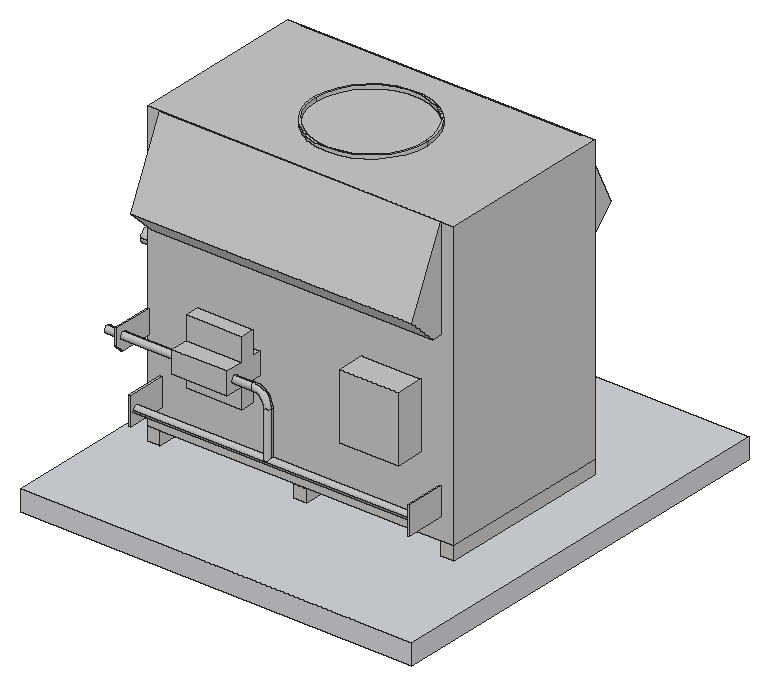
Revit family "DC_Rheem_PLM_Raypak_B2634ID", category Plumbing Fixtures, host Face, Revit 2017
Family settings
  Host = Face
  Round Connector Dimension = Use Radius
  Part Type = Normal
  Cut with Voids When Loaded = No
  Shared = No
  Room Calculation Point = No
Parameters (values of type "Raypak - Gas Water Heater- Indoor - 2530 MJ/h  Propane gas, On/Off gas control")
  Width_ANZRS = 1780 mm
  URL = "http://www.rheem.com.au/CommercialProducts"
  Type Comments = "Recovery 9632L/h @ 50oC rise\r\n"
  TopWidth_ANZRS = 1445 mm
  TopDiameter_ANZRS = 660 mm
  Model = "B2634PCO/ID\r\n"
  Materials_ANZRS = Raypak - Grey Powder Coated Steel
  PRVRadius_ANZRS = 20 mm
  Manufacturer = "Raypak\r\n"
  HotWaterRadius_ANZRS = 40 mm
  HotWaterPipeDiameter_ANZRS = HotWaterRadius_ANZRS * 2  # 80 mm
  Height_ANZRS = 1738 mm
  GasPipeDiameter_ANZRS = GasOutletRadius_ANZRS * 2  # 40 mm
  GasOutletRadius_ANZRS = 20 mm
  DesignBy_ANZRS = "Design Content ©"
  Description = "Raypak - Gas Water Heater- Indoor - 2530 MJ/h  Propane gas, On/Off gas control\r\n"
  Default Elevation = 0 mm
  ColdwaterRadius_ANZRS = 40 mm
  ColdWaterPipeDiameter_ANZRS = ColdwaterRadius_ANZRS * 2  # 80 mm
  Author_ANZRS = "DM"
  Assembly Code = ""
Types (5, lengths in mm): name | URL | Type Comments | Model | GasPipeDiameter_ANZRS | GasOutletRadius_ANZRS | Description
  (no name) | "http://www.rheem.com.au/downloads/PDF/Raypak_Mechanical_Heating_Brochure_July_09.pdf\r\n" | "Recovery 9632L/h @ 50oC rise\r\n" | "B2634PCO/ID\r\n" | 40 | 20 | "Raypak - Gas Water Heater- Indoor - 2530 MJ/h  Propane gas, On/Off gas control\r\n"
  Raypak - Gas Water Heater- Indoor - 2636 MJ/h  Natural gas, modulating gas control | "http://www.rheem.com.au/CommercialProducts" | "Recovery 10320L/h @ 50oC rise\r\n" | "B2634NCM/ID\r\n" | 65 | 32.5 | "Raypak - Gas Water Heater- Indoor - 2636 MJ/h  Natural gas, modulating gas control\r\n"
  Raypak - Gas Water Heater- Indoor - 2636 MJ/h  Natural gas, On/Off gas control | "http://www.rheem.com.au/CommercialProducts" | "Recovery 10320L/h @ 50°C rise\r\n" | "B2634NCO/ID\r\n\r\n" | 65 | 32.5 | "Raypak - Gas Water Heater- Indoor - 2636 MJ/h  Natural gas, On/Off gas control\r\n\r\n"
  Raypak - Gas Water Heater- Indoor - 2530 MJ/h  Propane gas, modulating gas control | "http://www.rheem.com.au/CommercialProducts" | "Recovery 9632L/h @ 50°C rise\r\n" | "B2634NCO/ID\r\n\r\n" | 40 | 20 | "Raypak - Gas Water Heater- Indoor - 2530 MJ/h  Propane gas, modulating gas control\r\n"
  Raypak - Gas Water Heater- Indoor - 2530 MJ/h  Propane gas, On/Off gas control | "http://www.rheem.com.au/CommercialProducts" | "Recovery 9632L/h @ 50oC rise\r\n" | "B2634PCO/ID\r\n" | 40 | 20 | "Raypak - Gas Water Heater- Indoor - 2530 MJ/h  Propane gas, On/Off gas control\r\n"
Reference planes
  plane 1 "Center (Front/Back)": y = 0
  plane 2: z = 0
  plane 3 "Center (Left/Right)": x = 0
  plane 4: x = -890
  plane 5: x = 890
  plane 6 "H1": z = 1738
  plane 7: z = 635
  plane 8: x = -1070
  plane 9: x = -330
  plane 10: x = 330
  plane 11 "H9": z = 75
  plane 12 "W1": y = 722.5
  plane 13 "W3": y = -722.5
  plane 14 "W4": y = 510
  plane 15 "W2": y = -510
  plane 16 "CENTER 5": z = 910
  plane 17 "H8": z = 200
  plane 18 "H5": z = 830
  plane 19 "W5": y = -670
  plane 20 "CENTER 2": y = 275
  plane 21 "CENTER 3": y = 110
  plane 22 "CENTER 4": y = -292
  plane 23: x = -815
  plane 24: x = 815
  plane 25: x = -37.5
  plane 26: x = 37.5
  plane 27: z = 876.785
  plane 28: z = 496.785
  plane 29: x = 700
  plane 30: x = 355
  plane 31 "W6": y = -735
  plane 32 "W7": y = -700
  plane 33: x = -970
  plane 34 "H7": z = 360
  plane 35 "CENTER 1": z = 280
  plane 36: x = -234.438
  plane 37: x = -554.438
  plane 38 "H6": z = 450
  plane 39: x = -880
  plane 40 "H2": z = 1148
  plane 41: x = -805
  plane 42: x = 805
Forms (mm)
  Extrusion 1, solid
    sketch origin (0, 0, 0) x (1, 0, 0) y (0, 1, 0)
      loop
        line (-1060, 1219.2) -> (-1060, -1219.2) -> (1215.619, -1219.2) -> (1215.619, 1219.2) -> (-1060, 1219.2)
    from 0 to -120
  Extrusion 2, solid, material "Raypak - Grey Powder Coated Steel" <- "Materials_ANZRS"
    sketch origin (0, 0, 0) x (1, 0, 0) y (0, 0, 1)
      loop
        line (-890, 0) -> (-815, 0) -> (-815, 75) -> (-890, 75) -> (-890, 0)
      loop
        line (-37.5, 0) -> (37.5, 0) -> (37.5, 75) -> (-37.5, 75) -> (-37.5, 0)
      loop
        line (890, 0) -> (890, 75) -> (815, 75) -> (815, 0) -> (890, 0)
    from -510 to 510
  Extrusion 3, solid, material "Raypak - Grey Powder Coated Steel" <- "Materials_ANZRS"
    sketch origin (0, 0, 0) x (1, 0, 0) y (0, 0, 1)
      loop
        line (890, 75) -> (890, 1738) -> (-890, 1738) -> (-890, 75) -> (890, 75)
    from -510 to 510
  Extrusion 4, solid, material "Raypak - Grey Powder Coated Steel" <- "Materials_ANZRS"
    sketch origin (0, 0, 0) x (1, 0, 0) y (0, 0, 1)
      loop
        line (355, 876.785) -> (355, 496.785) -> (700, 496.785) -> (700, 876.785) -> (355, 876.785)
    from 510 to 670
  Sweep 5, solid, material "Raypak - Grey Powder Coated Steel" <- "Materials_ANZRS"
    path origin (0, 0, 0) x (1, 0, 0) y (0, 0, 1)
      loop
        line (-970, 635) -> (-117.5, 635)
        arc (-117.5, 635) -> (-60.931, 611.569) -> (-37.5, 555) r 80
        line (-37.5, 555) -> (-37.5, 280)
    profile origin (-543.75, 0, 635) x (0, 0, 1) y (0, -1, 0)
      loop
        circle (0, 700) r 20
  Extrusion 6, solid, material "Raypak - Grey Powder Coated Steel" <- "Materials_ANZRS"
    sketch origin (0, 0, 0) x (0, 1, 0) y (0, 0, 1)
      loop
        circle (-700, 280) r 20
    from -815 to 805
  Extrusion 7, solid, material "Raypak - Grey Powder Coated Steel" <- "Materials_ANZRS"
    sketch origin (0, 0, 0) x (0, 1, 0) y (0, 0, 1)
      loop
        line (-735, 200) -> (-510, 200) -> (-510, 360) -> (-735, 360) -> (-735, 200)
    from -805 to -815
  Extrusion 8, solid, material "Raypak - Grey Powder Coated Steel" <- "Materials_ANZRS"
    sketch origin (760, 0, 0) x (0, 1, 0) y (0, 0, 1)
      loop
        line (-735, 200) -> (-510, 200) -> (-510, 360) -> (-735, 360) -> (-735, 200)
    from 45 to 55
  Extrusion 9, solid, material "Raypak - Grey Powder Coated Steel" <- "Materials_ANZRS"
    sketch origin (-40, 0, 350) x (0, 1, 0) y (0, 0, 1)
      loop
        line (-750, 216.979) -> (-643.989, 216.979) -> (-643.989, 100) -> (-565, 100) -> (-565, 216.979) -> (-510, 216.979) -> (-510, 345) -> (-565, 345) -> (-565, 480) -> (-643.989, 480) -> (-643.989, 345) -> (-750, 345) -> (-750, 216.979)
    from -514.438 to -194.438
  Extrusion 10, solid, material "Raypak - Grey Powder Coated Steel" <- "Materials_ANZRS"
    sketch origin (0, 0, 0) x (0, 1, 0) y (0, 0, 1)
      loop
        line (-510, 690) -> (-745, 690) -> (-745, 595) -> (-702.574, 552.574) -> (-510, 552.574) -> (-510, 690)
    from -890 to -880
  Extrusion 11, solid, material "Raypak - Grey Powder Coated Steel" <- "Materials_ANZRS"
    sketch origin (0, 0, 0) x (0, 1, 0) y (0, 0, 1)
      loop
        line (510, 1738) -> (510, 1148) -> (570, 1148) -> (722.5, 1300.5) -> (510, 1738)
      loop
        line (-510, 1738) -> (-722.5, 1300.5) -> (-570, 1148) -> (-510, 1148) -> (-510, 1738)
    from -815 to 815
  Revolve 12, solid, material "Raypak - Grey Powder Coated Steel" <- "Materials_ANZRS"
    sketch origin (0, 0, 0) x (1, 0, 0) y (0, 0, 1)
      loop
        line (330, 1758) -> (320, 1758) -> (320, 1738) -> (330, 1738) -> (330, 1758)
      axis (0, 1758) -> (0, 1738)
    angle from 0 to 360
  Extrusion 13, solid, material "Raypak - Grey Powder Coated Steel" <- "Materials_ANZRS"
    sketch origin (0, 0, 0) x (0, 1, 0) y (0, 0, 1)
      loop
        circle (275, 910) r 40
      loop
        circle (-292, 910) r 40
    from -1070 to -890
  Extrusion 14, void
    sketch origin (0, 0, 0) x (0, 1, 0) y (0, 0, 1)
      loop
        circle (110, 910) r 20
    from -890 to -880
Cuts and joins
  joined: Sweep 5, Extrusion 6, Extrusion 9, Extrusion 10
  Extrusion 14 cuts Extrusion 3
Lines and regions (mm)
  Masking region 1
    outline origin (0, 0, 0) x (0, 1, 0) y (0, 0, 1)
      loop
        line (722.5, 1300.5) -> (510, 1738) -> (330, 1738) -> (330, 1758) -> (-330, 1758) -> (-330, 1738) -> (-510, 1738) -> (-722.5, 1300.5) -> (-570, 1148) -> (-510, 1148) -> (-510, 690) -> (-745, 690) -> (-745, 595) -> (-702.574, 552.574) -> (-510, 552.574) -> (-510, 360) -> (-735, 360) -> (-735, 200) -> (-510, 200) -> (-510, 0) -> (510, 0) -> (510, 1148) -> (570, 1148) -> (722.5, 1300.5)
  Masking region 2
    outline origin (0, 0, 0) x (1, 0, 0) y (0, 1, 0)
      loop
        line (-815, 722.5) -> (-815, 510) -> (-890, 510) -> (-890, -510) -> (-815, -510) -> (-815, -722.5) -> (815, -722.5) -> (815, -510) -> (890, -510) -> (890, 510) -> (815, 510) -> (815, 722.5) -> (-815, 722.5)
  Masking region 3
    outline origin (0, 0, 0) x (1, 0, 0) y (0, 0, 1)
      loop
        line (330, 1738) -> (330, 1758) -> (-330, 1758) -> (-330, 1738) -> (-890, 1738) -> (-890, 75) -> (-890, 0) -> (-815, 0) -> (-815, 75) -> (-37.5, 75) -> (-37.5, 0) -> (37.5, 0) -> (37.5, 75) -> (815, 75) -> (815, 0) -> (890, 0) -> (890, 75) -> (890, 1738) -> (330, 1738)
  symbolic lines, style "Rheem Raypak", detail levels fine
    curve 1: line (-815, 722.5, 0) -> (815, 722.5, 0)
    curve 2: line (-815, 722.5, 0) -> (-815, -722.5, 0)
    curve 3: line (-815, 570, 0) -> (815, 570, 0)
    curve 4: line (890, 510, 0) -> (815, 510, 0)
    curve 5: line (-890, 510, 0) -> (-890, -510, 0)
    curve 6: arc (-330, 0, 0) -> (0, -330, 0) -> (330, 0, 0) r 330
    curve 7: arc (330, 0, 0) -> (0, 330, 0) -> (-330, 0, 0) r 330
    curve 8: arc (320, 0, 0) -> (0, 320, 0) -> (-320, 0, 0) r 320
    curve 9: arc (-320, 0, 0) -> (0, -320, 0) -> (320, 0, 0) r 320
    curve 10: line (815, -722.5, 0) -> (815, 722.5, 0)
    curve 11: line (890, -510, 0) -> (890, 510, 0)
    curve 12: line (-554.438, -750, 0) -> (-234.438, -750, 0)
    curve 13: line (-234.438, -750, 0) -> (-234.438, -722.5, 0)
    curve 14: line (-890, -510, 0) -> (-890, -745, 0)
    curve 15: line (-880, -745, 0) -> (-880, -510, 0)
    curve 16: line (-890, -745, 0) -> (-880, -745, 0)
    curve 17: line (-805, -735, 0) -> (-815, -735, 0)
    curve 18: line (-805, -510, 0) -> (-805, -735, 0)
    curve 19: line (-815, -735, 0) -> (-815, -510, 0)
    curve 20: line (815, -735, 0) -> (815, -510, 0)
    curve 21: line (815, -735, 0) -> (815, 722.5, 0)
    curve 22: line (-815, -722.5, 0) -> (815, -722.5, 0)
    curve 23: line (-815, 510, 0) -> (-890, 510, 0)
    curve 24: line (-815, -570, 0) -> (815, -570, 0)
    curve 25: line (-554.438, -722.5, 0) -> (-554.438, -750, 0)
    curve 26: line (-970, -680, 0) -> (-970, -720, 0)
    curve 27: line (-970, -680, 0) -> (-890, -680, 0)
    curve 28: line (-970, -720, 0) -> (-890, -720, 0)
    curve 29: line (-880, -720, 0) -> (-805, -720, 0)
    curve 30: line (-880, -680, 0) -> (-805, -680, 0)
    curve 31: line (-890, -510, 0) -> (-815, -510, 0)
    curve 32: line (815, -510, 0) -> (890, -510, 0)
    curve 33: line (-1070, 321.973, 0) -> (-890, 321.973, 0)
    curve 34: line (-1070, 228.027, 0) -> (-1070, 321.973, 0)
    curve 35: line (-1070, -338.973, 0) -> (-1070, -245.027, 0)
    curve 36: line (-1070, -245.027, 0) -> (-890, -245.027, 0)
    curve 37: line (-1070, -338.973, 0) -> (-890, -338.973, 0)
    curve 38: line (-1070, 228.027, 0) -> (-890, 228.027, 0)
    curve 39: line (0, 510, 0) -> (0, 510, 1738)
    curve 40: line (0, -510, 0) -> (0, 510, 0)
    curve 41: line (0, -510, 75) -> (0, -510, 0)
    curve 42: line (0, -735, 200) -> (0, -510, 200)
    curve 43: line (0, -510, 360) -> (0, -735, 360)
    curve 44: line (0, -735, 360) -> (0, -735, 200)
    curve 45: line (0, -510, 876.785) -> (0, -670, 876.785)
    curve 46: line (0, -670, 876.785) -> (0, -670, 695)
    curve 47: arc (0, -700, 615) -> (0, -720, 635) -> (0, -700, 655) r 20
    curve 48: arc (0, -700, 655) -> (0, -680, 635) -> (0, -700, 615) r 20
    curve 49: line (0, -510, 75) -> (0, 510, 75)
    curve 50: line (0, -565, 830) -> (0, -565, 695)
    curve 51: line (0, -565, 695) -> (0, -510, 695)
    curve 52: line (0, -510, 695) -> (0, -510, 566.979)
    curve 53: line (0, -565, 552.574) -> (0, -565, 450)
    curve 54: line (0, -565, 450) -> (0, -643.989, 450)
    curve 55: line (0, -643.989, 450) -> (0, -643.989, 552.574)
    curve 56: line (0, -716.979, 566.979) -> (0, -750, 566.979)
    curve 57: line (0, -750, 566.979) -> (0, -750, 695)
    curve 58: line (0, -750, 695) -> (0, -643.989, 695)
    curve 59: line (0, -643.989, 695) -> (0, -643.989, 830)
    curve 60: line (0, -643.989, 830) -> (0, -565, 830)
    curve 61: line (0, -510, 690) -> (0, -745, 690)
    curve 62: line (0, -702.574, 552.574) -> (0, -510, 552.574)
    curve 63: line (0, -745, 595) -> (0, -702.574, 552.574)
    curve 64: line (0, -745, 690) -> (0, -745, 595)
    curve 65: line (0, 510, 1738) -> (0, -510, 1738)
    curve 66: line (0, 722.5, 1300.5) -> (0, 510, 1738)
    curve 67: line (0, 570, 1148) -> (0, 722.5, 1300.5)
    curve 68: line (0, 510, 1148) -> (0, 570, 1148)
    curve 69: line (0, 330, 1758) -> (0, -330, 1758)
    curve 70: line (0, 330, 1738) -> (0, 330, 1758)
    curve 71: line (0, -330, 1758) -> (0, -330, 1738)
    curve 72: line (0, -510, 1738) -> (0, -722.5, 1300.5)
    curve 73: line (0, -722.5, 1300.5) -> (0, -570, 1148)
    curve 74: line (0, -570, 1148) -> (0, -510, 1148)
    curve 75: line (0, -510, 1738) -> (0, -510, 75)
    curve 76: arc (0, 235, 910) -> (0, 275, 950) -> (0, 315, 910) r 40
    curve 77: arc (0, 315, 910) -> (0, 275, 870) -> (0, 235, 910) r 40
    curve 78: arc (0, 90, 910) -> (0, 110, 890) -> (0, 130, 910) r 20
    curve 79: arc (0, 130, 910) -> (0, 110, 930) -> (0, 90, 910) r 20
    curve 80: arc (0, -252, 910) -> (0, -292, 870) -> (0, -332, 910) r 40
    curve 81: arc (0, -332, 910) -> (0, -292, 950) -> (0, -252, 910) r 40
    curve 82: line (0, -680, 360) -> (0, -680, 552.574)
    curve 83: line (0, -719.686, 569.686) -> (0, -719.686, 360)
    curve 84: line (890, 0, 1738) -> (-890, 0, 1738)
    curve 85: line (330, 0, 1758) -> (-330, 0, 1758)
    curve 86: line (-890, 0, 1738) -> (-890, 0, 75)
    curve 87: line (-815, 0, 1738) -> (-815, 0, 1148)
    curve 88: line (-815, 0, 1300.5) -> (815, 0, 1300.5)
    curve 89: line (-815, 0, 1148) -> (815, 0, 1148)
    curve 90: line (815, 0, 1148) -> (815, 0, 1738)
    curve 91: line (890, 0, 75) -> (890, 0, 1738)
    curve 92: line (700, 0, 876.785) -> (355, 0, 876.785)
    curve 93: line (355, 0, 876.785) -> (355, 0, 496.785)
    curve 94: line (355, 0, 496.785) -> (700, 0, 496.785)
    curve 95: line (700, 0, 496.785) -> (700, 0, 876.785)
    curve 96: line (-234.438, 0, 450) -> (-234.438, 0, 830)
    curve 97: line (-554.438, 0, 830) -> (-554.438, 0, 450)
    curve 98: line (-554.438, 0, 450) -> (-234.438, 0, 450)
    curve 99: line (-554.438, 0, 566.979) -> (-234.438, 0, 566.979)
    curve 100: line (-234.438, 0, 695) -> (-554.438, 0, 695)
    curve 101: line (-234.438, 0, 830) -> (-554.438, 0, 830)
    curve 102: line (-890, 0, 75) -> (-890, 0, 0)
    curve 103: line (-815, 0, 0) -> (-815, 0, 75)
    curve 104: line (-890, 0, 0) -> (-815, 0, 0)
    curve 105: line (-37.5, 0, 75) -> (-37.5, 0, 0)
    curve 106: line (37.5, 0, 0) -> (37.5, 0, 75)
    curve 107: line (-37.5, 0, 0) -> (37.5, 0, 0)
    curve 108: line (815, 0, 75) -> (815, 0, 0)
    curve 109: line (890, 0, 0) -> (890, 0, 75)
    curve 110: line (815, 0, 0) -> (890, 0, 0)
    curve 111: line (-890, 0, 75) -> (890, 0, 75)
    curve 112: line (-970, 0, 615) -> (-970, 0, 655)
    curve 113: line (-1070, 0, 935) -> (-1070, 0, 885)
    curve 114: line (-805, 0, 200) -> (-805, 0, 360)
    curve 115: line (-805, 0, 360) -> (-815, 0, 360)
    curve 116: line (-815, 0, 360) -> (-815, 0, 200)
    curve 117: line (-815, 0, 200) -> (-805, 0, 200)
    curve 118: line (805, 0, 360) -> (805, 0, 200)
    curve 119: line (805, 0, 200) -> (815, 0, 200)
    curve 120: line (815, 0, 200) -> (815, 0, 360)
    curve 121: line (815, 0, 360) -> (805, 0, 360)
    curve 122: line (-1070, 0, 935) -> (-890, 0, 935)
    curve 123: line (-1070, 0, 885) -> (-890, 0, 885)
    curve 124: line (-970, 0, 655) -> (-554.438, 0, 655)
    curve 125: line (-970, 0, 615) -> (-554.438, 0, 615)
    curve 126: line (-234.438, 0, 655) -> (-119.438, 0, 655)
    curve 127: line (-234.438, 0, 615) -> (-118.185, 0, 615)
    curve 128: arc (-118.185, 0, 615) -> (-75.24, 0, 597.212) -> (-57.452, 0, 554.267) r 60.733
    curve 129: arc (-118.185, 0, 655) -> (-46.956, 0, 625.496) -> (-17.452, 0, 554.267) r 100.733
    curve 130: line (-17.452, 0, 554.267) -> (-17.452, 0, 300)
    curve 131: line (-57.452, 0, 300) -> (-57.452, 0, 554.267)
    curve 132: line (-805, 0, 300) -> (805, 0, 300)
    curve 133: line (805, 0, 260) -> (-805, 0, 260)
    curve 134: line (-880, 0, 552.574) -> (-880, 0, 690)
    curve 135: line (-880, 0, 552.574) -> (-890, 0, 552.574)
    curve 136: line (-880, 0, 690) -> (-890, 0, 690)
    curve 137: line (-330, 0, 1758) -> (-330, 0, 1738)
    curve 138: line (330, 0, 1758) -> (330, 0, 1738)
Dimensions and locks
  equal spacing: plane 5, plane 3 "Center (Left/Right)", plane 4
  "Width_ANZRS": plane 5 to plane 4
  plane 6 "H1" to level = 1738 mm
  locked: plane 4 to plane 8 at 180
  equal spacing: plane 10, plane 3 "Center (Left/Right)", plane 9
  "TopDiameter_ANZRS": plane 10 to plane 9
  plane 11 "H9" to level = 75 mm
  equal spacing: plane 12 "W1", plane 1 "Center (Front/Back)", plane 13 "W3"
  "TopWidth_ANZRS": plane 12 "W1" to plane 13 "W3"
  plane 12 "W1" to plane 14 "W4" = 212.5 mm
  plane 15 "W2" to plane 13 "W3" = 212.5 mm
  plane 16 "CENTER 5" to level = 910 mm
  plane 17 "H8" to level = 200 mm
  plane 18 "H5" to plane 17 "H8" = 630 mm
  plane 15 "W2" to plane 19 "W5" = 160 mm
  plane 14 "W4" to plane 20 "CENTER 2" = 235 mm
  plane 14 "W4" to plane 21 "CENTER 3" = 400 mm
  plane 20 "CENTER 2" to plane 22 "CENTER 4" = 567 mm
  "Height_ANZRS": plane 6 "H1" to level
  locked: plane 23 to plane 4 at 75
  locked: plane 24 to plane 5 at 75
  equal spacing: plane 26, plane 3 "Center (Left/Right)", plane 25
  plane 26 to plane 25 = 75 mm
  plane 14 "W4" to plane 15 "W2" = 1020 mm
  plane 27 to plane 28 = 380 mm
  locked: plane 29 to plane 30 at 345
  plane 15 "W2" to plane 31 "W6" = 225 mm
  plane 7 to level = 635 mm
  plane 15 "W2" to plane 32 "W7" = 190 mm
  plane 4 to plane 33 = 80 mm
  locked: plane 34 "H7" to plane 17 "H8" at 160
  locked: plane 35 "CENTER 1" to plane 17 "H8" at 80
  locked: plane 36 to plane 37 at 320
  locked: plane 3 "Center (Left/Right)" to plane 36 at 234.438
  plane 7 to plane 38 "H6" = 185 mm
  locked: plane 39 to plane 4 at 10
  locked: plane 6 "H1" to plane 40 "H2" at 590
  locked: plane 41 to plane 23 at 10
  locked: plane 24 to plane 42 at 10
  "GasOutletRadius_ANZRS": radius of Sweep 5 sketch curve
  "GasOutletRadius_ANZRS": radius of Extrusion 6 sketch curve
  "PRVRadius_ANZRS": radius of Extrusion 14 sketch curve
  "ColdwaterRadius_ANZRS": radius of Extrusion 13 sketch curve
  "HotWaterRadius_ANZRS": radius of Extrusion 13 sketch curve
  aligned and locked: plane 2 to Extrusion 1
  aligned and locked: level to Extrusion 1
  aligned and locked: Extrusion 2 sketch curve to level  (x2)
  aligned and locked: Extrusion 2 sketch curve to plane 4
  aligned and locked: plane 11 "H9" to Extrusion 2 sketch curve  (x2)
  aligned and locked: plane 23 to Extrusion 2 sketch curve
  aligned and locked: Extrusion 2 sketch curve to plane 25
  aligned and locked: Extrusion 2 sketch curve to plane 26
  aligned and locked: level to Extrusion 2 sketch curve
  aligned and locked: plane 5 to Extrusion 2 sketch curve
  aligned and locked: Extrusion 2 sketch curve to plane 11 "H9"
  aligned and locked: Extrusion 2 sketch curve to plane 24
  aligned and locked: Extrusion 2 to plane 14 "W4"
  aligned and locked: Extrusion 2 to plane 15 "W2"
  aligned and locked: Extrusion 3 sketch curve to Extrusion 2  (x2)
  aligned and locked: Extrusion 3 sketch curve to plane 6 "H1"
  aligned and locked: plane 4 to Extrusion 3 sketch curve
  aligned and locked: Extrusion 3 to plane 14 "W4"
  aligned and locked: Extrusion 3 to plane 15 "W2"
  aligned and locked: Extrusion 4 sketch curve to plane 27
  aligned and locked: plane 30 to Extrusion 4 sketch curve
  aligned and locked: plane 28 to Extrusion 4 sketch curve
  aligned and locked: Extrusion 4 sketch curve to plane 29
  aligned and locked: plane 19 "W5" to Extrusion 4
  aligned and locked: Extrusion 4 to Extrusion 3
  aligned and locked: Sweep 5 sketch curve to plane 7
  aligned and locked: Sweep 5 sketch curve to plane 25
  aligned and locked: plane 7 to Sweep 5 sketch curve
  aligned and locked: plane 32 "W7" to Sweep 5 sketch curve
  aligned and locked: plane 33 to Sweep 5 sketch curve
  aligned and locked: plane 32 "W7" to Extrusion 6 sketch curve
  aligned: Extrusion 6 to plane 4
  aligned: plane 24 to Extrusion 6
  aligned and locked: Extrusion 6 to plane 23
  aligned and locked: plane 15 "W2" to Extrusion 7 sketch curve
  aligned and locked: plane 17 "H8" to Extrusion 7 sketch curve
  aligned and locked: plane 31 "W6" to Extrusion 7 sketch curve
  aligned and locked: Extrusion 7 sketch curve to plane 34 "H7"
  aligned and locked: plane 23 to Extrusion 7
  aligned and locked: plane 35 "CENTER 1" to Extrusion 6 sketch curve
  aligned and locked: plane 35 "CENTER 1" to Sweep 5 sketch curve
  aligned: Extrusion 8 to plane 24
  aligned and locked: plane 36 to Extrusion 9
  aligned and locked: plane 37 to Extrusion 9
  aligned and locked: Extrusion 9 to Extrusion 9  (x3)
  aligned and locked: plane 38 "H6" to Extrusion 9
  aligned and locked: Extrusion 3 to Extrusion 10 sketch curve
  aligned and locked: Extrusion 10 to plane 4
  aligned and locked: plane 14 "W4" to Extrusion 11 sketch curve
  aligned and locked: plane 15 "W2" to Extrusion 11 sketch curve
  aligned and locked: Extrusion 11 sketch curve to Extrusion 11 sketch curve
  aligned and locked: Extrusion 11 to plane 23
  aligned: plane 24 to Extrusion 11
  aligned and locked: Revolve 12 sketch curve to plane 3 "Center (Left/Right)"
  aligned and locked: plane 10 to Revolve 12 sketch curve
  aligned and locked: Revolve 12 sketch curve to plane 6 "H1"
  aligned and locked: plane 20 "CENTER 2" to Extrusion 13 sketch curve
  aligned and locked: plane 22 "CENTER 4" to Extrusion 13 sketch curve
  aligned and locked: plane 16 "CENTER 5" to Extrusion 13 sketch curve  (x2)
  aligned and locked: Extrusion 13 to plane 8
  aligned and locked: plane 4 to Extrusion 13
  aligned and locked: plane 21 "CENTER 3" to Extrusion 14 sketch curve
  aligned and locked: plane 16 "CENTER 5" to Extrusion 14 sketch curve
  aligned and locked: cut or joined group of Extrusion 3, Extrusion 14 to plane 4
  aligned and locked: plane 39 to cut or joined group of Extrusion 3, Extrusion 14
  aligned and locked: plane 40 "H2" to Extrusion 11 sketch curve
  aligned and locked: plane 12 "W1" to Extrusion 11 sketch curve
  aligned and locked: plane 13 "W3" to Extrusion 11 sketch curve
  aligned and locked: curve 1 to Extrusion 11
  aligned and locked: curve 2 to Extrusion 11
  aligned and locked: curve 3 to Extrusion 11
  aligned and locked: curve 4 to cut or joined group of Extrusion 3, Extrusion 14
  aligned and locked: curve 5 to cut or joined group of Extrusion 3, Extrusion 14
  aligned and locked: curve 6 to Revolve 12
  aligned and locked: curve 7 to Revolve 12
  aligned and locked: curve 8 to Revolve 12
  aligned and locked: curve 9 to Revolve 12
  aligned: curve 10 to Extrusion 11
  aligned and locked: curve 11 to cut or joined group of Extrusion 3, Extrusion 14
  aligned and locked: curve 12 to cut or joined group of Sweep 5, Extrusion 6, Extrusion 9, Extrusion 10
  aligned and locked: curve 13 to cut or joined group of Sweep 5, Extrusion 6, Extrusion 9, Extrusion 10
  aligned and locked: curve 14 to cut or joined group of Sweep 5, Extrusion 6, Extrusion 9, Extrusion 10
  aligned and locked: curve 15 to cut or joined group of Sweep 5, Extrusion 6, Extrusion 9, Extrusion 10
  aligned and locked: curve 16 to cut or joined group of Sweep 5, Extrusion 6, Extrusion 9, Extrusion 10
  aligned and locked: Extrusion 7 to curve 17
  aligned and locked: curve 18 to Extrusion 7
  aligned and locked: curve 19 to Extrusion 7
  aligned and locked: curve 20 to Extrusion 8
  aligned: curve 21 to Extrusion 11
  aligned and locked: curve 22 to Extrusion 11
  aligned and locked: curve 24 to Extrusion 11
  aligned and locked: curve 26 to plane 33
  aligned and locked: curve 27 to curve 30
  aligned and locked: curve 28 to curve 29
  aligned and locked: cut or joined group of Extrusion 3, Extrusion 14 to plane 15 "W2"
  aligned and locked: curve 31 to plane 15 "W2"
  aligned and locked: curve 21 to curve 32
  aligned and locked: curve 34 to Extrusion 13
  aligned and locked: curve 35 to Extrusion 13
  aligned and locked: curve 39 to Extrusion 2
  aligned and locked: curve 40 to Extrusion 2
  aligned and locked: curve 41 to Extrusion 2
  aligned and locked: curve 42 to Extrusion 7
  aligned and locked: curve 43 to Extrusion 7
  aligned and locked: curve 44 to Extrusion 7
  aligned and locked: Extrusion 4 to curve 45
  aligned and locked: curve 46 to Extrusion 4
  aligned and locked: curve 49 to cut or joined group of Extrusion 3, Extrusion 14
  aligned and locked: curve 65 to cut or joined group of Extrusion 3, Extrusion 14
  aligned and locked: curve 66 to Extrusion 11
  aligned and locked: curve 67 to Extrusion 11
  aligned and locked: curve 68 to Extrusion 11
  aligned and locked: Revolve 12 to curve 69
  aligned and locked: curve 72 to Extrusion 11
  aligned and locked: curve 73 to Extrusion 11
  aligned and locked: curve 74 to Extrusion 11
  aligned and locked: curve 75 to cut or joined group of Extrusion 3, Extrusion 14
  aligned and locked: curve 76 to Extrusion 13
  aligned and locked: curve 77 to Extrusion 13
  aligned and locked: curve 78 to cut or joined group of Extrusion 3, Extrusion 14
  aligned and locked: curve 79 to cut or joined group of Extrusion 3, Extrusion 14
  aligned and locked: curve 80 to Extrusion 13
  aligned and locked: curve 81 to Extrusion 13
  aligned and locked: Masking region 1 sketch curve to curve 66
  aligned and locked: Masking region 1 sketch curve to curve 67
  aligned and locked: Masking region 1 sketch curve to curve 68
  aligned and locked: Masking region 1 sketch curve to curve 39
  aligned and locked: Masking region 1 sketch curve to curve 65
  aligned and locked: Masking region 1 sketch curve to curve 70
  aligned and locked: Masking region 1 sketch curve to curve 69
  aligned and locked: Masking region 1 sketch curve to curve 71
  aligned and locked: Masking region 1 sketch curve to curve 72
  aligned and locked: Masking region 1 sketch curve to curve 73
  aligned and locked: Masking region 1 sketch curve to curve 74
  aligned and locked: curve 75 to Masking region 1 sketch curve
  aligned and locked: Masking region 1 sketch curve to curve 40
  aligned and locked: Masking region 1 sketch curve to curve 42
  aligned and locked: Masking region 1 sketch curve to curve 44
  aligned and locked: Masking region 1 sketch curve to curve 43
  aligned and locked: Masking region 1 sketch curve to curve 62
  aligned and locked: Masking region 1 sketch curve to curve 61
  aligned and locked: Masking region 1 sketch curve to curve 64
  aligned and locked: Masking region 1 sketch curve to curve 63
  aligned and locked: Masking region 2 sketch curve to curve 1
  aligned and locked: curve 21 to Masking region 2 sketch curve
  aligned and locked: Masking region 2 sketch curve to curve 4
  aligned and locked: Masking region 2 sketch curve to curve 11
  aligned and locked: Masking region 2 sketch curve to curve 32
  aligned and locked: Masking region 2 sketch curve to curve 22
  aligned and locked: Masking region 2 sketch curve to curve 2
  aligned and locked: Masking region 2 sketch curve to curve 23
  aligned and locked: Masking region 2 sketch curve to curve 5
  aligned and locked: Masking region 2 sketch curve to curve 31
  aligned and locked: Extrusion 8 to plane 24
  aligned and locked: Extrusion 10 to plane 39
  aligned and locked: plane 41 to Extrusion 7
  aligned and locked: Extrusion 8 to plane 42
  aligned and locked: plane 42 to cut or joined group of Sweep 5, Extrusion 6, Extrusion 9, Extrusion 10
  aligned and locked: plane 24 to Extrusion 11
  aligned and locked: curve 84 to cut or joined group of Extrusion 3, Extrusion 14
  aligned and locked: curve 85 to Revolve 12
  aligned and locked: curve 86 to cut or joined group of Extrusion 3, Extrusion 14
  aligned and locked: curve 87 to Extrusion 11
  aligned and locked: curve 88 to Extrusion 11
  aligned and locked: curve 89 to Extrusion 11
  aligned and locked: curve 90 to Extrusion 11
  aligned and locked: curve 91 to cut or joined group of Extrusion 3, Extrusion 14
  aligned and locked: curve 92 to Extrusion 4
  aligned and locked: curve 93 to Extrusion 4
  aligned and locked: curve 94 to Extrusion 4
  aligned and locked: curve 95 to Extrusion 4
  aligned and locked: curve 96 to cut or joined group of Sweep 5, Extrusion 6, Extrusion 9, Extrusion 10
  aligned and locked: curve 97 to cut or joined group of Sweep 5, Extrusion 6, Extrusion 9, Extrusion 10
  aligned and locked: curve 98 to cut or joined group of Sweep 5, Extrusion 6, Extrusion 9, Extrusion 10
  aligned and locked: curve 99 to cut or joined group of Sweep 5, Extrusion 6, Extrusion 9, Extrusion 10
  aligned and locked: curve 100 to cut or joined group of Sweep 5, Extrusion 6, Extrusion 9, Extrusion 10
  aligned and locked: curve 101 to cut or joined group of Sweep 5, Extrusion 6, Extrusion 9, Extrusion 10
  aligned and locked: curve 102 to Extrusion 2
  aligned and locked: curve 103 to Extrusion 2
  aligned and locked: curve 104 to Extrusion 2
  aligned and locked: curve 105 to Extrusion 2
  aligned and locked: curve 106 to Extrusion 2
  aligned and locked: curve 107 to Extrusion 2
  aligned and locked: curve 108 to Extrusion 2
  aligned and locked: curve 109 to Extrusion 2
  aligned and locked: curve 110 to Extrusion 2
  aligned and locked: curve 111 to cut or joined group of Extrusion 3, Extrusion 14
  aligned and locked: cut or joined group of Sweep 5, Extrusion 6, Extrusion 9, Extrusion 10 to curve 112
  aligned and locked: Extrusion 13 to curve 113
  aligned and locked: curve 114 to Extrusion 7
  aligned and locked: curve 115 to Extrusion 7
  aligned and locked: curve 116 to Extrusion 7
  aligned and locked: curve 117 to Extrusion 7
  aligned and locked: curve 118 to Extrusion 8
  aligned and locked: curve 119 to Extrusion 8
  aligned and locked: curve 120 to Extrusion 8
  aligned and locked: curve 121 to Extrusion 8
  aligned and locked: curve 124 to curve 126
  aligned and locked: curve 134 to cut or joined group of Sweep 5, Extrusion 6, Extrusion 9, Extrusion 10
  aligned and locked: Masking region 3 sketch curve to curve 138
  aligned and locked: Masking region 3 sketch curve to curve 85
  aligned and locked: Masking region 3 sketch curve to curve 137
  aligned and locked: Masking region 3 sketch curve to curve 108
  aligned and locked: Masking region 3 sketch curve to curve 110
  aligned and locked: Masking region 3 sketch curve to curve 109
  aligned and locked: Masking region 3 sketch curve to curve 91
  aligned and locked: Masking region 3 sketch curve to curve 84
  aligned and locked: Masking region 3 sketch curve to curve 86
  aligned and locked: Masking region 3 sketch curve to curve 102
  aligned and locked: Masking region 3 sketch curve to curve 104
  aligned and locked: Masking region 3 sketch curve to curve 103
  aligned and locked: curve 111 to Masking region 3 sketch curve
  aligned and locked: Masking region 3 sketch curve to curve 105
  aligned and locked: Masking region 3 sketch curve to curve 107
  aligned and locked: Masking region 3 sketch curve to curve 106
Automatic sketch dimensions
  Extrusion 1 sketch curve to Extrusion 1 sketch curve = 2275.619 mm
  Extrusion 1 sketch curve to Extrusion 1 sketch curve = 2438.4 mm
  curve 35 to plane 8 = 0 mm
  curve 38 to plane 8 = 0 mm
  curve 5 to plane 4 = 0 mm
  curve 18 to plane 31 "W6" = 0 mm
  curve 17 to plane 23 = 0 mm
  plane 14 "W4" to curve 23 = 0 mm
  curve 23 to plane 23 = 0 mm
  curve 25 to plane 13 "W3" = 0 mm
  curve 25 to plane 37 = 0 mm
  curve 12 to plane 36 = 0 mm
  plane 14 "W4" to curve 4 = 0 mm
  curve 4 to plane 24 = 0 mm
  curve 11 to plane 5 = 0 mm
  curve 32 to plane 15 "W2" = 0 mm
  plane 12 "W1" to curve 21 = 0 mm
  plane 39 to curve 29 = 0 mm
  curve 16 to plane 31 "W6" = 10 mm
  curve 12 to plane 31 "W6" = 15 mm
  plane 13 "W3" to curve 29 = 2.5 mm
  plane 19 "W5" to curve 26 = 10 mm
  curve 24 to plane 15 "W2" = 60 mm
  plane 22 "CENTER 4" to curve 37 = 46.973 mm
  curve 36 to plane 22 "CENTER 4" = 46.973 mm
  plane 20 "CENTER 2" to curve 38 = 46.973 mm
  curve 33 to plane 20 "CENTER 2" = 46.973 mm
  curve 4 to curve 3 = 60 mm
  Sweep 5 sketch curve to plane 25 = 80 mm
  Extrusion 8 sketch curve to plane 31 "W6" = 0 mm
  Extrusion 8 sketch curve to plane 15 "W2" = 0 mm
  Extrusion 8 sketch curve to plane 17 "H8" = 0 mm
  Extrusion 8 sketch curve to plane 34 "H7" = 0 mm
  Extrusion 9 sketch curve to plane 18 "H5" = 0 mm
  plane 38 "H6" to Extrusion 9 sketch curve = 0 mm
  Extrusion 9 sketch curve to plane 15 "W2" = 0 mm
  Extrusion 9 sketch curve to plane 15 "W2" = 55 mm  (x2)
  Extrusion 9 sketch curve to plane 19 "W5" = 26.011 mm  (x2)
  Extrusion 9 sketch curve to plane 31 "W6" = 15 mm
  Extrusion 9 sketch curve to plane 7 = 68.021 mm  (x2)
  plane 7 to Extrusion 9 sketch curve = 60 mm  (x2)
  plane 32 "W7" to Extrusion 10 sketch curve = 2.574 mm
  Extrusion 10 sketch curve to plane 31 "W6" = 10 mm
  plane 28 to Extrusion 10 sketch curve = 55.788 mm
  Extrusion 10 sketch curve to plane 7 = 40 mm
  plane 7 to Extrusion 10 sketch curve = 55 mm
  Extrusion 11 sketch curve to plane 6 "H1" = 0 mm  (x2)
  Extrusion 11 sketch curve to plane 14 "W4" = 0 mm
  Extrusion 11 sketch curve to plane 15 "W2" = 60 mm
  Extrusion 11 sketch curve to Extrusion 11 sketch curve = 60 mm
  Extrusion 11 sketch curve to plane 40 "H2" = 152.5 mm  (x2)
  Revolve 12 sketch curve to Revolve 12 sketch curve = 10 mm
  Revolve 12 sketch curve to level = 609.6 mm
  Revolve 12 sketch curve to Revolve 12 sketch curve = 20 mm
  plane 6 "H1" to Revolve 12 sketch curve = 871.058 mm
  curve 43 to plane 31 "W6" = 0 mm
  curve 72 to plane 13 "W3" = 0 mm
  curve 83 to plane 34 "H7" = 0 mm
  curve 48 to plane 7 = 0 mm
  curve 48 to plane 32 "W7" = 0 mm
  curve 45 to plane 19 "W5" = 0 mm
  curve 59 to plane 18 "H5" = 0 mm
  plane 38 "H6" to curve 54 = 0 mm
  plane 40 "H2" to curve 74 = 0 mm
  curve 61 to plane 15 "W2" = 0 mm
  curve 65 to plane 14 "W4" = 0 mm
  plane 40 "H2" to curve 67 = 0 mm
  curve 66 to plane 12 "W1" = 0 mm
  curve 41 to level = 0 mm
  curve 42 to plane 17 "H8" = 0 mm
  curve 45 to plane 27 = 0 mm
  curve 61 to plane 31 "W6" = 10 mm
  curve 56 to plane 31 "W6" = 15 mm
  plane 13 "W3" to curve 83 = 2.814 mm
  curve 83 to curve 56 = 2.708 mm
  plane 32 "W7" to curve 63 = 2.574 mm
  plane 19 "W5" to curve 82 = 10 mm
  curve 59 to plane 19 "W5" = 26.011 mm
  curve 54 to plane 19 "W5" = 26.011 mm
  curve 74 to plane 15 "W2" = 60 mm
  curve 51 to curve 51 = 55 mm
  curve 53 to plane 15 "W2" = 55 mm
  plane 22 "CENTER 4" to curve 71 = 38 mm
  curve 70 to plane 20 "CENTER 2" = 55 mm
  curve 67 to plane 14 "W4" = 60 mm
  plane 28 to curve 82 = 55.788 mm
  curve 62 to curve 57 = 14.405 mm
  curve 62 to curve 52 = 14.405 mm
  curve 56 to curve 83 = 2.708 mm
  curve 48 to plane 7 = 20 mm
  plane 7 to curve 64 = 55 mm
  curve 61 to curve 58 = 5 mm
  curve 61 to curve 51 = 5 mm
  curve 67 to plane 40 "H2" = 152.5 mm
  curve 73 to plane 40 "H2" = 152.5 mm
  curve 71 to curve 69 = 20 mm
  Masking region 1 sketch curve to plane 15 "W2" = 0 mm  (x2)
  Masking region 1 sketch curve to plane 6 "H1" = 0 mm
  Masking region 2 sketch curve to plane 24 = 0 mm
  Masking region 2 sketch curve to plane 23 = 0 mm
  curve 20 to plane 24 = 0 mm
  curve 20 to plane 31 "W6" = 0 mm
  curve 21 to plane 31 "W6" = 0 mm
  curve 18 to plane 41 = 0 mm
  curve 128 to curve 129 = 0 mm  (x2)
  curve 113 to plane 8 = 0 mm
  curve 122 to plane 4 = 0 mm
  plane 39 to curve 134 = 0 mm
  curve 116 to plane 23 = 0 mm
  curve 87 to plane 6 "H1" = 0 mm
  curve 87 to plane 23 = 0 mm
  curve 104 to level = 0 mm
  curve 104 to plane 23 = 0 mm
  curve 132 to plane 41 = 0 mm
  curve 97 to plane 37 = 0 mm
  curve 85 to plane 9 = 0 mm
  curve 98 to plane 36 = 0 mm
  curve 105 to plane 11 "H9" = 0 mm
  curve 105 to plane 25 = 0 mm
  curve 107 to level = 0 mm
  plane 26 to curve 107 = 0 mm
  plane 10 to curve 85 = 0 mm
  curve 93 to plane 28 = 0 mm
  curve 93 to plane 30 = 0 mm
  curve 94 to plane 29 = 0 mm
  curve 132 to plane 42 = 0 mm
  plane 24 to curve 108 = 0 mm
  curve 88 to plane 24 = 0 mm
  curve 119 to plane 17 "H8" = 0 mm
  plane 24 to curve 119 = 0 mm
  plane 5 to curve 91 = 0 mm
  curve 110 to level = 0 mm
  curve 114 to plane 17 "H8" = 0 mm
  curve 121 to plane 34 "H7" = 0 mm
  curve 116 to plane 34 "H7" = 0 mm
  curve 97 to plane 38 "H6" = 0 mm
  curve 101 to plane 18 "H5" = 0 mm
  curve 92 to plane 27 = 0 mm
  curve 89 to plane 40 "H2" = 0 mm
  plane 7 to curve 126 = 20 mm
  curve 126 to plane 25 = 81.938 mm
  curve 128 to plane 7 = 20 mm
  curve 126 to curve 128 = 1.253 mm
  curve 131 to plane 25 = 19.952 mm
  curve 130 to plane 3 "Center (Left/Right)" = 17.452 mm
  curve 133 to plane 35 "CENTER 1" = 20 mm
  plane 35 "CENTER 1" to curve 130 = 20 mm
  plane 28 to curve 135 = 55.788 mm
  curve 99 to curve 127 = 48.021 mm
  curve 125 to plane 7 = 20 mm
  plane 7 to curve 136 = 55 mm
  curve 124 to curve 100 = 40 mm
  plane 27 to curve 123 = 8.215 mm
  plane 16 "CENTER 5" to curve 122 = 25 mm
  curve 88 to plane 40 "H2" = 152.5 mm
  curve 138 to curve 85 = 20 mm
  Masking region 3 sketch curve to plane 11 "H9" = 0 mm  (x3)
  Masking region 3 sketch curve to plane 6 "H1" = 0 mm
Connectors
  piping at (-1070, -292, 910), diameter 80, driven by "ColdwaterRadius_ANZRS"
    settings: on Extrusion 13, index 1, connector inside diameter 3.14961", connector length 0 mm, flow factor 0, pipe flow 0 GPM, pressure drop 0.00 psi, fitting loss kfactor 0, connector angle 0.00°, fixture units 0, engagement length 0 mm, angle of deflection 0.00°, flow configuration 1, flow direction 1, fitting loss method 0, system type 20, joint type 0, gender type 0, connector reference index -1, connector utility 0, adjustable connector no, is connector primary yes, connector description ""
  piping at (-1070, 275, 910), diameter 80, driven by "HotWaterRadius_ANZRS"
    settings: on Extrusion 13, index 2, connector inside diameter 3.14961", connector length 0 mm, flow factor 0, pipe flow 0 GPM, pressure drop 0.00 psi, fitting loss kfactor 0, connector angle 0.00°, fixture units 0, engagement length 0 mm, angle of deflection 0.00°, flow configuration 1, flow direction 2, fitting loss method 0, system type 19, joint type 0, gender type 0, connector reference index -1, connector utility 0, adjustable connector no, is connector primary no, connector description ""
  piping at (-970, -700, 635), diameter 40, driven by "GasOutletRadius_ANZRS"
    settings: on cut or joined group of Sweep 5, Extrusion 6, Extrusion 9, Extrusion 10, index 3, connector inside diameter 1.5748", connector length 0 mm, flow factor 0, pipe flow 0 GPM, pressure drop 0.00 psi, fitting loss kfactor 0, connector angle 0.00°, fixture units 0, engagement length 0 mm, angle of deflection 0.00°, flow configuration 1, flow direction 1, fitting loss method 0, system type 22, joint type 0, gender type 0, connector reference index -1, connector utility 0, adjustable connector no, is connector primary no, connector description "Gas"
  piping at (-890, 110, 910), diameter 30
    settings: on cut or joined group of Extrusion 3, Extrusion 14, index 4, connector inside diameter 1.1811", connector length 0 mm, flow factor 0, pipe flow 0 GPM, pressure drop 0.00 psi, fitting loss kfactor 0, connector angle 0.00°, fixture units 0, engagement length 0 mm, angle of deflection 0.00°, flow configuration 1, flow direction 2, fitting loss method 0, system type 22, joint type 0, gender type 0, connector reference index -1, connector utility 0, adjustable connector no, is connector primary no, connector description "PRV"
